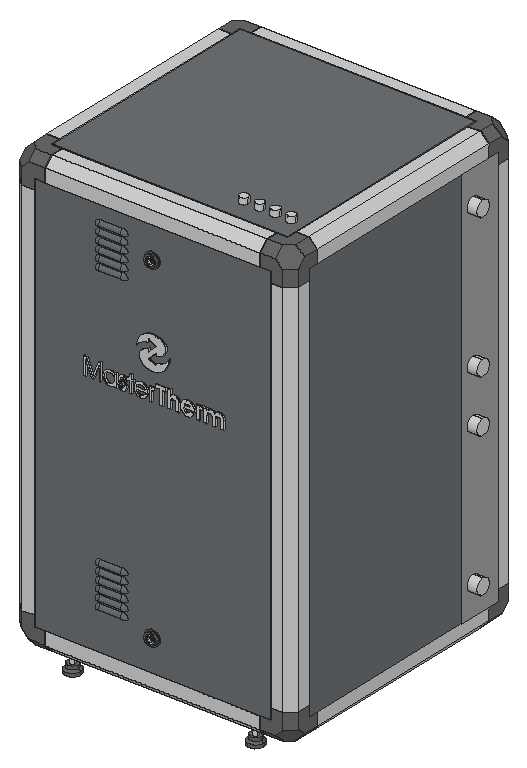
Revit family "AquaMaster-Inverter-P_RFA-2022", category Mechanické zařízení, Revit 2022
Family settings
  Kóta kulaté spojky = Použít průměr
  Typ dílu = Normální
  Číslo OmniClass = 23.75.00.00
  Nadpis OmniClass = Climate Control (HVAC)
  Založené na pracovní rovině = Ne
  Vždy vertikální = Ano
  Ořezat dutým tvarem při načtení = Ne
  Zachovat orientaci poznámky = Ne
  Sdílené = Ne
  Bod výpočtu místnosti = Ne
Parameters (values of type "AQ17IP")
  Výrobce = "Master Therm"  # constant formula
  Výchozí výška = 0.00 mm
  URL = "https://www.mastertherm.cz/aquamaster-inverter-p"
  Popis = "Tepelné čerpadlo země/voda (R290)"  # constant formula
  Model = if(MT_TYPE = 17, "AquaMaster 17 Inverter P", if(MT_TYPE = 22, "AquaMaster 22 Inverter P", if(MT_TYPE = 30, "AquaMaster 30 Inverter P", if(MT_TYPE = 37, "AquaMaster 37 Inverter P", "AquaMaster 45 Inverter P"))))  # "AquaMaster 17 Inverter P"
  MT_servisní prostor_ANO [instance] = no
  MT_pipe mat = MT_angle-corner
  MT_pipe connector mat = MT_RGB-130-130-130
  MT_napětí (V) = if(MT_TYPE > 30, 400 V, 230 V)  # 230 V
  MT_max. proud, vč. EK (A) = if(or(MT_TYPE = 22, MT_TYPE = 37), 20 A, if(or(MT_TYPE = 30, MT_TYPE = 45), 25 A, 16 A))  # 16 A
  MT_hmotnost (kg) = if(MT_TYPE = 17, 75, if(MT_TYPE = 22, 80, if(MT_TYPE = 30, 165, 180)))  # 75
  MT_ground height = 30.00 mm  # constant formula
  MT_frekvence (Hz) = 50 Hz  # constant formula
  MT_clearance top = MT_case height + 600.00 mm  # 1440.00 mm
  MT_clearance right = if(MT_case height = 840.00 mm, 600.00 mm, 400.00 mm)  # 600.00 mm
  MT_clearance left = if(MT_case height = 840.00 mm, 200.00 mm, 400.00 mm)  # 200.00 mm
  MT_clearance front = 600.00 mm  # constant formula
  MT_clearance back = 200.00 mm  # constant formula
  MT_apparent power = 0 VA  # constant formula
  MT_active power = 0 W  # constant formula
  MT_sekundár – vratka [instance] = 0.0 L/s
  MT_vent grille_YES = MT_TYPE < 30  # yes
  MT_primár – vratka [instance] = 0.0 L/s
  MT_sekundár – přívod [instance] = 0.0 L/s
  MT_pipe connector_X = if(MT_case height = 1200.00 mm, MT_case width - 2.00 mm * 40, MT_case height - 2.00 mm * 40)  # 760.00 mm
  MT_pipe connector offset = if(MT_case height = 1200.00 mm, MT_case width - 40.00 mm, MT_case height - 40.00 mm)  # 800.00 mm
  MT_pipe connector_Y = if(MT_case height = 1200.00 mm, 120.00 mm, 85.00 mm)  # 85.00 mm
  MT_pipe connector angle = if(MT_case height = 1200.00 mm, 0.00°, 90.00°)  # 90.00°
  MT_pivot offset = if(MT_case height = 1200.00 mm, 0.00 mm, MT_case width)  # 526.00 mm
  MT_cover top_Y = MT_cover side_X  # 446.00 mm
  MT_cover top_X = MT_cover front_X  # 446.00 mm
  MT_cover side_Y = MT_cover front_Y  # 760.00 mm
  MT_cover side_X = MT_case depth - 2.00 mm * 40  # 446.00 mm
  MT_cover front_Y = MT_case height - 2.00 mm * 40  # 760.00 mm
  MT_cover front_X = MT_case width - 2.00 mm * 40  # 446.00 mm
  MT_center lock_YES = MT_TYPE < 30  # yes
  MT_case width = 526.00 mm  # constant formula
  MT_case mat = MT_RAL7016
  MT_case height = if(MT_TYPE > 22, 1200.00 mm, 840.00 mm)  # 840.00 mm
  MT_case depth = if(MT_TYPE > 22, 716.00 mm, 526.00 mm)  # 526.00 mm
  MT_angle offset = 60.00 mm  # constant formula
  MT_angle length_Z = MT_case height - 2 * MT_angle offset  # 720.00 mm
  MT_angle length_Y = MT_case depth - 2 * MT_angle offset  # 406.00 mm
  MT_angle length_X = MT_case width - 2 * MT_angle offset  # 406.00 mm
  MT_primár – přívod [instance] = 0.0 L/s
  MT_TYPE = 17
  MT_EO offset_X = if(MT_case height = 840.00 mm, 60.00 mm, 273.00 mm)  # 60.00 mm
  MT_EO diameter = if(MT_TYPE > 37, 35.00 mm, 28.00 mm)  # 28.00 mm
  MT_EI offset_X = if(MT_case height = 840.00 mm, 330.00 mm, 373.00 mm)  # 330.00 mm
  MT_EI diameter = if(MT_TYPE > 37, 35.00 mm, 28.00 mm)  # 28.00 mm
  MT_EC6 offset_Y = if(MT_TYPE > 22, 30.00 mm, 500.00 mm)  # 500.00 mm
  MT_EC6 offset_X = if(MT_case height = 1200.00 mm, 421.00 mm, 115.00 mm)  # 115.00 mm
  MT_EC5-EC6_YES = MT_TYPE > 22  # no
  MT_EC5 offset_Y = if(MT_TYPE > 22, 60.00 mm, 500.00 mm)  # 500.00 mm
  MT_EC5 offset_X = if(MT_case height = 1200.00 mm, 421.00 mm, 115.00 mm)  # 115.00 mm
  MT_EC4 offset_Y = if(MT_TYPE > 22, 90.00 mm, 500.00 mm)  # 500.00 mm
  MT_EC4 offset_X = if(MT_case height = 1200.00 mm, 421.00 mm, 115.00 mm)  # 115.00 mm
  MT_EC3 offset_Y = if(MT_TYPE > 22, 30.00 mm, 500.00 mm)  # 500.00 mm
  MT_EC3 offset_X = if(MT_TYPE > 22, 25.00 mm, 85.00 mm)  # 85.00 mm
  MT_EC2 offset_Y = if(MT_TYPE > 22, 60.00 mm, 500.00 mm)  # 500.00 mm
  MT_EC2 offset_X = if(MT_TYPE > 22, 25.00 mm, 55.00 mm)  # 55.00 mm
  MT_EC1 offset_Y = if(MT_TYPE > 22, 90.00 mm, 500.00 mm)  # 500.00 mm
  MT_EC1 offset_X = 25.00 mm  # constant formula
  MT_CosPhi = 0  # constant formula
  MT_CO offset_X = if(MT_case height = 840.00 mm, 700.00 mm, 173.00 mm)  # 700.00 mm
  MT_CO diameter = 28.00 mm  # constant formula
  MT_CI offset_X = if(MT_case height = 840.00 mm, 430.00 mm, 73.00 mm)  # 430.00 mm
  MT_CI diameter = 28.00 mm  # constant formula
  Komentáře k typům = "KOMPRESOR: BLDC Inverter; 20 – 60 rps; olej – (RFL68EP) – 0.74 l; max. prov. proud – 12 A; VÝPARNÍK: deskový (nerez.); AISI316; průtok vody (W/W) – 0.22 kg/s; min. průtok – 0.17 kg/s; průtok směsi (B/W) – 0.18 kg/s; min. průtok – 0.11 kg/s; teplotní rozdíl – 3 K; vnitřní objem – 2.0 l; ext. tlak čerpadla – 6.0 m; max. příkon čerpadla – 70 W; KONDENZÁTOR: deskový (nerez.); AISI316; průtok otopné vody – 0.12 kg/s; min. průtok – 0.06 kg/s; teplotní rozdíl – 5 K; vnitřní objem – 2.0 l; ext. tlak čerpadla – 5.0 m; max. příkon čerpadla – 70 W; CHL. OKRUH: R290 (0.152 kg); EK (volitelně): není k dispozici; REGULACE: regulátor – pCO5; EEV – ano; čidlo otopné vody – ano; čidlo mix – ano (2x); čidlo TUV – ano; ext. čidlo – ano; ekviterm. reg. – ano; chladivo – 2xPT; ESI: 1x230 V; 50 Hz; max. proud – 16 A; ROZMĚRY: otopná voda, směs – 1\", 1\" (vnější); 84x53x53 cm; 75 kg; LIMITNÍ PROVOZNÍ PARAMETRY: max. přetlak vody – 0.25 MPa; max. přetlak chladiva – 3.1 MPa; směs min./max.: -5/+20 °C; voda min./max.: 20/75 °C"
  Elektropřipojení = if(MT_TYPE > 22, "2xPG16; 4xPG13.5", "4xPG16")  # "4xPG16"
  EO_kolektor – výstup = if(MT_TYPE > 37, "5/4'' (vnější)", "1'' (vnější)")  # "1'' (vnější)"
  EI_kolektor – vstup = if(MT_TYPE > 37, "5/4'' (vnější)", "1'' (vnější)")  # "1'' (vnější)"
  Cena = 0
  CO_otopná voda – výstup = "1'' (vnější)"  # constant formula
  COPYRIGHT = "© Master Therm tepelná čerpadla s. r. o."  # constant formula
  CI_otopná voda – vstup = "1'' (vnější)"  # constant formula
Reference planes
  plane 1 "Střed (vpředu/vzadu)": y = 0
  plane 2: z = 0
  plane 3 "Střed (vlevo/vpravo)": x = 0
  plane 4 "side_cover": x = 263
  plane 5: x = -263
  plane 6 "front_cover": y = -263
  plane 7: y = 263
  plane 8: z = 870
  plane 9: z = 90
  plane 10: z = 810
  plane 11: x = -203
  plane 12: x = 203
  plane 13: y = -203
  plane 14: y = 203
  plane 15: z = 450
  plane 16 "MT_pivot point": x = 263
  plane 17 "MT_case bottom": z = 30
Forms (mm)
  Extrusion 1, solid, material "MT_RAL7016" <- "MT_case mat"
    sketch origin (0, 0, 0) x (1, 0, 0) y (0, 1, 0)
      loop
        line (-223, 223) -> (-223, -223) -> (223, -223) -> (223, 223) -> (-223, 223)
    from 30 to 870
  Extrusion 2, solid, material "MT_RAL7016" <- "MT_case mat"
    sketch origin (0, -263, 0) x (-1, 0, 0) y (0, 0, 1)
      loop
        line (223, 830) -> (-223, 830) -> (-223, 70) -> (223, 70) -> (223, 830)
    from 0 to 526 <- "MT_case depth"
  Extrusion 3, solid, material "MT_RAL7016" <- "MT_case mat"
    sketch origin (-263, 660.254, 1200) x (0, 1, 0) y (0, 0, 1)
      loop
        line (-883.254, -370) -> (-883.254, -1130) -> (-437.254, -1130) -> (-437.254, -370) -> (-883.254, -370)
    from 0 to 526 <- "MT_case width"
Lines and regions (mm)
  reference lines
    curve 1: line (263, 318, 870) -> (1603, 318, 870)
    curve 2: line (263, 318, 870) -> (263, 318, -1190)
    curve 3: line (-463, 463, 0) -> (863, 463, 0)
    curve 4: line (-463, -863, 0) -> (-463, 463, 0)
    curve 5: line (863, -863, 0) -> (-463, -863, 0)
    curve 6: line (863, 463, 0) -> (863, -863, 0)
    curve 7: line (-463, 463, 0) -> (-463, 463, 1440)
    curve 8: line (-463, 463, 1440) -> (863, 463, 1440)
    curve 9: line (863, 463, 0) -> (863, 463, 1440)
    curve 10: line (863, 463, 0) -> (863, 463, 1440)
    curve 11: line (863, 463, 1440) -> (863, -863, 1440)
    curve 12: line (863, -863, 0) -> (863, -863, 1440)
    curve 13: line (-463, 463, 1440) -> (-463, -863, 1440)
    curve 14: line (-463, -863, 0) -> (-463, -863, 1440)
    curve 15: line (-463, -863, 1440) -> (863, -863, 1440)
  model lines, style "MT_service space", visible <- "MT_servisní prostor_ANO"
    curve 16: line (-463, -863, 1440) -> (863, -863, 1440)
    curve 17: line (-463, 463, 1440) -> (-463, -863, 1440)
    curve 18: line (-463, 463, 1440) -> (863, 463, 1440)
    curve 19: line (863, 463, 1440) -> (863, -863, 1440)
    curve 20: line (863, 463, 0) -> (863, -863, 0)
    curve 21: line (-463, 463, 0) -> (863, 463, 0)
    curve 22: line (863, -863, 0) -> (-463, -863, 0)
    curve 23: line (-463, -863, 0) -> (-463, 463, 0)
    curve 24: line (-463, -863, 0) -> (-463, -863, 1440)
    curve 25: line (-463, 463, 0) -> (-463, 463, 1440)
    curve 26: line (863, -863, 0) -> (863, -863, 1440)
    curve 27: line (863, 463, 0) -> (863, 463, 1440)
Dimensions and locks
  equal spacing: plane 5, plane 3 "Střed (vlevo/vpravo)", plane 4 "side_cover"
  "MT_case width": plane 5 to plane 4 "side_cover"
  equal spacing: plane 7, plane 1 "Střed (vpředu/vzadu)", plane 6 "front_cover"
  "MT_case depth": plane 7 to plane 6 "front_cover"
  "MT_case height": plane 8 to plane 17 "MT_case bottom"
  "MT_angle offset": plane 9 to plane 17 "MT_case bottom"
  "MT_angle offset": plane 8 to plane 10
  "MT_angle offset": plane 11 to plane 5
  "MT_angle offset": plane 4 "side_cover" to plane 12
  "MT_angle offset": plane 13 to plane 6 "front_cover"
  "MT_angle offset": plane 7 to plane 14
  equal spacing: Extrusion 1 sketch curve, plane 3 "Střed (vlevo/vpravo)", Extrusion 1 sketch curve
  "MT_cover top_X": Extrusion 1 sketch curve to Extrusion 1 sketch curve
  equal spacing: nested 17, plane 1 "Střed (vpředu/vzadu)", Extrusion 1 sketch curve
  "MT_cover top_Y": nested 17 to Extrusion 1 sketch curve
  equal spacing: Extrusion 2 sketch curve, plane 3 "Střed (vlevo/vpravo)", Extrusion 2 sketch curve
  "MT_cover front_X": Extrusion 2 sketch curve to Extrusion 2 sketch curve
  equal spacing: plane 8, plane 15, plane 17 "MT_case bottom"
  equal spacing: Extrusion 2 sketch curve, plane 15, Extrusion 2 sketch curve
  "MT_cover front_Y": Extrusion 2 sketch curve to Extrusion 2 sketch curve
  equal spacing: Extrusion 3 sketch curve, plane 15, Extrusion 3 sketch curve
  "MT_cover side_Y": Extrusion 3 sketch curve to Extrusion 3 sketch curve
  "MT_cover side_X": Extrusion 3 sketch curve to Extrusion 3 sketch curve
  equal spacing: Extrusion 3 sketch curve, plane 1 "Střed (vpředu/vzadu)", Extrusion 3 sketch curve
  locked: plane 8 to nested 23 at 100
  locked: nested 21 to plane 8 at 340
  locked: nested 22 to plane 8 at 150
  locked: plane 4 "side_cover" to nested 22 at 370
  "MT_pivot offset": plane 16 "MT_pivot point" to plane 5
  curve 1 to plane 8 = 0.00 mm
  "MT_pipe connector offset": nested 25 to curve 2
  "MT_clearance right": plane 4 "side_cover" to curve 6
  "MT_clearance left": curve 4 to plane 5
  "MT_clearance back": plane 7 to curve 3
  "MT_clearance front": plane 6 "front_cover" to curve 5
  "MT_clearance top": curve 15 to plane 2
  "MT_ground height": plane 17 "MT_case bottom" to plane 2
  locked: plane 6 "front_cover" to nested 26 at 28
  locked: plane 5 to nested 26 at 90
  locked: plane 5 to nested 28 at 90
  locked: nested 28 to plane 7 at 28
  locked: nested 27 to plane 4 "side_cover" at 90
  locked: nested 27 to plane 6 "front_cover" at 28
  locked: nested 29 to plane 7 at 28
  locked: nested 29 to plane 4 "side_cover" at 90
  locked: plane 4 "side_cover" to nested 24 at 370
  locked: nested 31 to plane 17 "MT_case bottom" at 100
  "MT_pipe connector angle": angle curve 2 to curve 1
  aligned and locked: level to plane 2
  aligned and locked: plane 7 to nested 2
  aligned and locked: plane 5 to nested 2
  aligned and locked: plane 6 "front_cover" to nested 3
  aligned and locked: nested 3 to plane 5
  aligned and locked: nested 4 to plane 4 "side_cover"
  aligned and locked: nested 4 to plane 6 "front_cover"
  aligned and locked: plane 4 "side_cover" to nested 5
  aligned and locked: nested 5 to plane 7
  aligned and locked: plane 6 "front_cover" to nested 1
  aligned and locked: nested 1 to plane 5
  aligned and locked: nested 6 to plane 6 "front_cover"
  aligned and locked: nested 6 to plane 4 "side_cover"
  aligned and locked: nested 7 to plane 7
  aligned and locked: plane 4 "side_cover" to nested 7
  aligned and locked: plane 5 to nested 8
  aligned and locked: plane 7 to nested 8
  aligned and locked: plane 8 to nested 6
  aligned and locked: plane 8 to nested 7
  aligned and locked: plane 8 to nested 1
  aligned and locked: plane 8 to nested 8
  aligned and locked: nested 3 to plane 9
  aligned and locked: nested 2 to plane 9
  aligned and locked: nested 4 to plane 9
  aligned and locked: nested 5 to plane 9
  aligned and locked: nested 13 to plane 11
  aligned and locked: nested 14 to plane 11
  aligned and locked: plane 8 to nested 14
  aligned and locked: nested 13 to plane 6 "front_cover"
  aligned and locked: plane 6 "front_cover" to nested 14
  aligned and locked: nested 15 to plane 13
  aligned and locked: nested 15 to plane 4 "side_cover"
  aligned and locked: plane 4 "side_cover" to nested 16
  aligned and locked: nested 16 to plane 13
  aligned and locked: plane 11 to nested 18
  aligned and locked: plane 7 to nested 18
  aligned and locked: plane 11 to nested 17
  aligned and locked: nested 17 to plane 7
  aligned and locked: nested 18 to plane 8
  aligned and locked: plane 13 to nested 20
  aligned and locked: plane 13 to nested 19
  aligned and locked: nested 19 to plane 5
  aligned and locked: plane 5 to nested 20
  aligned and locked: nested 19 to plane 8
  aligned and locked: nested 9 to plane 6 "front_cover"
  aligned and locked: plane 6 "front_cover" to nested 10
  aligned and locked: nested 12 to plane 7
  aligned and locked: nested 11 to plane 7
  aligned and locked: plane 5 to nested 11
  aligned and locked: plane 5 to nested 9
  aligned and locked: nested 12 to plane 4 "side_cover"
  aligned and locked: nested 10 to plane 4 "side_cover"
  aligned and locked: plane 8 to nested 15
  aligned and locked: plane 3 "Střed (vlevo/vpravo)" to nested 21
  aligned and locked: plane 16 "MT_pivot point" to curve 1
  aligned and locked: curve 2 to nested 25
  aligned and locked: curve 8 to curve 15
  aligned and locked: curve 13 to curve 15
  aligned and locked: curve 11 to curve 15
  aligned and locked: curve 16 to curve 15
  aligned and locked: curve 17 to curve 13
  aligned and locked: curve 18 to curve 8
  aligned and locked: curve 19 to curve 11
  aligned and locked: curve 20 to curve 6
  aligned and locked: curve 21 to curve 3
  aligned and locked: curve 22 to curve 5
  aligned and locked: curve 23 to curve 4
  aligned and locked: curve 24 to curve 14
  aligned and locked: curve 25 to curve 7
  aligned and locked: curve 26 to curve 12
  aligned and locked: curve 27 to curve 10
  aligned and locked: plane 17 "MT_case bottom" to nested 13
  aligned and locked: nested 17 to plane 17 "MT_case bottom"
  aligned and locked: plane 17 "MT_case bottom" to nested 9
  aligned and locked: plane 17 "MT_case bottom" to nested 11
  aligned and locked: Extrusion 1 to plane 17 "MT_case bottom"
  aligned and locked: nested 20 to plane 17 "MT_case bottom"
  aligned and locked: plane 17 "MT_case bottom" to nested 10
  aligned and locked: plane 17 "MT_case bottom" to nested 16
  aligned and locked: plane 17 "MT_case bottom" to nested 12
  aligned and locked: plane 8 to Extrusion 1
  aligned and locked: Extrusion 1 to nested 25
Automatic sketch dimensions
  curve 13 to curve 4 = 0.00 mm  (x2)
  curve 14 to curve 4 = 0.00 mm
  curve 10 to curve 6 = 0.00 mm  (x2)
  curve 6 to curve 12 = 0.00 mm
  curve 12 to curve 6 = 0.00 mm
  curve 7 to curve 3 = 0.00 mm  (x2)
  curve 9 to curve 3 = 0.00 mm  (x2)
  curve 24 to curve 14 = 0.00 mm  (x2)
  curve 14 to curve 25 = 0.00 mm  (x2)
  curve 26 to curve 12 = 0.00 mm  (x2)
  curve 27 to curve 12 = 0.00 mm  (x2)
  plane 14 to Extrusion 1 sketch curve = 20.00 mm
  curve 5 to curve 15 = 0.00 mm  (x2)
Nested families
  nested 1: "MT_corner-cap" at (-203, -263, 810) x (0, 1, 0) z (0, 0, 1), type "MT_corner-cap"
  nested 2: "MT_angle-cover" at (-263, 223, 90), MT_angle_lenght <- "MT_angle length_Z", type "MT_angle-cover"
    with MT_angle_lenght 720.00 mm
  nested 3: "MT_angle-cover" at (-223, -263, 90) x (0, 1, 0) z (0, 0, 1), MT_angle_lenght <- "MT_angle length_Z", type "MT_angle-cover"
    with MT_angle_lenght 720.00 mm
  nested 4: "MT_angle-cover" at (263, -223, 90) x (-1, 0, 0) z (0, 0, 1), MT_angle_lenght <- "MT_angle length_Z", type "MT_angle-cover"
    with MT_angle_lenght 720.00 mm
  nested 5: "MT_angle-cover" at (223, 263, 90) x (0, -1, 0) z (0, 0, 1), MT_angle_lenght <- "MT_angle length_Z", type "MT_angle-cover"
    with MT_angle_lenght 720.00 mm
  nested 6: "MT_corner-cap" at (263, -203, 810) x (-1, 0, 0) z (0, 0, 1), type "MT_corner-cap"
  nested 7: "MT_corner-cap" at (203, 263, 810) x (0, -1, 0) z (0, 0, 1), type "MT_corner-cap"
  nested 8: "MT_corner-cap" at (-263, 203, 810), type "MT_corner-cap"
  nested 9: "MT_corner-cap" at (-203, -263, 90) x (0, 1, 0) z (0, 0, -1), type "MT_corner-cap"
  nested 10: "MT_corner-cap" at (263, -203, 90) x (-1, 0, 0) z (0, 0, -1), type "MT_corner-cap"
  nested 11: "MT_corner-cap" at (-263, 203, 90) x (1, 0, 0) z (0, 0, -1), type "MT_corner-cap"
  nested 12: "MT_corner-cap" at (203, 263, 90) x (0, -1, 0) z (0, 0, -1), type "MT_corner-cap"
  nested 13: "MT_angle-cover" at (-203, -223, 30) x (0, 0, 1) z (1, 0, 0), MT_angle_lenght <- "MT_angle length_X", type "MT_angle-cover"
    with MT_angle_lenght 406.00 mm
  nested 14: "MT_angle-cover" at (-203, -263, 830) x (0, 1, 0) z (1, 0, 0), MT_angle_lenght <- "MT_angle length_X", type "MT_angle-cover"
    with MT_angle_lenght 406.00 mm
  nested 15: "MT_angle-cover" at (263, -203, 830) x (-1, 0, 0) z (0, 1, 0), MT_angle_lenght <- "MT_angle length_Y", type "MT_angle-cover"
    with MT_angle_lenght 406.00 mm
  nested 16: "MT_angle-cover" at (223, -203, 30) x (0, 0, 1) z (0, 1, 0), MT_angle_lenght <- "MT_angle length_Y", type "MT_angle-cover"
    with MT_angle_lenght 406.00 mm
  nested 17: "MT_angle-cover" at (-203, 223, 30) x (0, 0, 1) z (1, 0, 0), MT_angle_lenght <- "MT_angle length_X", type "MT_angle-cover"
    with MT_angle_lenght 406.00 mm
  nested 18: "MT_angle-cover" at (-203, 263, 830) x (0, -1, 0) z (1, 0, 0), MT_angle_lenght <- "MT_angle length_X", type "MT_angle-cover"
    with MT_angle_lenght 406.00 mm
  nested 19: "MT_angle-cover" at (-263, -203, 830) x (1, 0, 0) z (0, 1, 0), MT_angle_lenght <- "MT_angle length_Y", type "MT_angle-cover"
    with MT_angle_lenght 406.00 mm
  nested 20: "MT_angle-cover" at (-223, -203, 30) x (0, 0, 1) z (0, 1, 0), MT_angle_lenght <- "MT_angle length_Y", type "MT_angle-cover"
    with MT_angle_lenght 406.00 mm
  nested 21: "MT_logo" at (-127.744, -263, 530) x (1, 0, 0) z (0, -1, 0), type "MT_logo"
  nested 22: "MT_vent-grille" at (-107, -263, 720) x (1, 0, 0) z (0, -1, 0), visible <- "MT_vent grille_YES", type "MT_vent-grille"
  nested 23: "MT_case-lock" at (0, -263, 770) x (1, 0, 0) z (0, -1, 0), visible <- "MT_center lock_YES", type "MT_case-lock"
  nested 24: "MT_vent-grille" at (-107, -263, 145) x (1, 0, 0) z (0, -1, 0), visible <- "MT_vent grille_YES", type "MT_vent-grille"
  nested 25: "MT_pipe connector" at (263, 223, 830) x (0, 0, -1) z (1, 0, 0), type "MT_pipe connector"
    with MT_pipe connector_X2 760.00 mm, MT_pipe connector_Y2 85.00 mm, MT_EO offset_X2 60.00 mm, MT_EI offset_X2 330.00 mm, MT_CO offset_X2 700.00 mm, MT_CI offset_X2 430.00 mm
  nested 26: "MT_adj feet" at (-173, -235, 0), type "MT_adj feet"
  nested 27: "MT_adj feet" at (173, -235, 0), type "MT_adj feet"
  nested 28: "MT_adj feet" at (-173, 235, 0), type "MT_adj feet"
  nested 29: "MT_adj feet" at (173, 235, 0), type "MT_adj feet"
  nested 30: "MT_el-connector" at (-537, 318, 870), type "MT_el-connector"
    with MT_EC5-EC6_YES2 no, MT_EC6_Y2 500.00 mm, MT_EC6_X2 115.00 mm, MT_EC5_Y2 500.00 mm, MT_EC5_X2 115.00 mm, MT_EC4_Y2 500.00 mm, MT_EC4_X2 115.00 mm, MT_EC3_Y2 500.00 mm, MT_EC3_X2 85.00 mm, MT_EC2_Y2 500.00 mm, MT_EC2_X2 55.00 mm, MT_EC1_Y2 500.00 mm, MT_EC1_X2 25.00 mm
  nested 31: "MT_case-lock" at (0, -263, 130) x (1, 0, 0) z (0, -1, 0), visible <- "MT_center lock_YES", type "MT_case-lock"
Connectors
  piping at (284, 163, 500), diameter 28, driven by "MT_CI diameter", driven by "MT_sekundár – vratka", driven by "CI_otopná voda – vstup"
    settings: on nested 25, index 1, connector inside diameter 609.60 mm, connector length 0.00 mm, flow factor 1, pipe flow 0.0 L/s, pressure drop 0.0 Pa, fitting loss kfactor 0, connector angle 0.00°, fixture units 0, engagement length 0.00 mm, angle of deflection 0.00°, flow configuration 2, flow direction 1, fitting loss method 0, system type 29, joint type 0, gender type 0, connector reference index -1, connector utility 0, adjustable connector no, is connector primary yes, connector description "1'' (vnější)"
  piping at (284, 163, 770), diameter 28, driven by "MT_CO diameter", driven by "MT_sekundár – přívod", driven by "CO_otopná voda – výstup"
    settings: on nested 25, index 2, connector inside diameter 609.60 mm, connector length 0.00 mm, flow factor 1, pipe flow 0.0 L/s, pressure drop 0.0 Pa, fitting loss kfactor 0, connector angle 0.00°, fixture units 0, engagement length 0.00 mm, angle of deflection 0.00°, flow configuration 2, flow direction 2, fitting loss method 0, system type 29, joint type 0, gender type 0, connector reference index -1, connector utility 0, adjustable connector no, is connector primary no, connector description "1'' (vnější)"
  piping at (284, 163, 130), diameter 28, driven by "MT_EO diameter", driven by "MT_primár – přívod", driven by "EO_kolektor – výstup"
    settings: on nested 25, index 5, connector inside diameter 609.60 mm, connector length 0.00 mm, flow factor 0, pipe flow 0.0 L/s, pressure drop 0.0 Pa, fitting loss kfactor 0, connector angle 0.00°, fixture units 0, engagement length 0.00 mm, angle of deflection 0.00°, flow configuration 1, flow direction 2, fitting loss method 0, system type 29, joint type 0, gender type 0, connector reference index -1, connector utility 0, adjustable connector no, is connector primary no, connector description "1'' (vnější)"
  piping at (284, 163, 400), diameter 28, driven by "MT_EI diameter", driven by "MT_primár – vratka", driven by "EI_kolektor – vstup"
    settings: on nested 25, index 6, connector inside diameter 609.60 mm, connector length 0.00 mm, flow factor 0, pipe flow 0.0 L/s, pressure drop 0.0 Pa, fitting loss kfactor 0, connector angle 0.00°, fixture units 0, engagement length 0.00 mm, angle of deflection 0.00°, flow configuration 1, flow direction 1, fitting loss method 0, system type 29, joint type 0, gender type 0, connector reference index -1, connector utility 0, adjustable connector no, is connector primary no, connector description "1'' (vnější)"
  electrical at (198, -182, 881), driven by "MT_napětí (V)", driven by "MT_apparent power", driven by "MT_CosPhi", driven by "Elektropřipojení"
    settings: on nested 30, index 9, voltage 230 V, apparent load 0 VA, apparent load phase1 0 VA, apparent load phase2 0 VA, apparent load phase3 0 VA, power factor 0, load classification "Další", number of poles 1, system type 30, power factor state 1, is connector primary yes, connector utility no, sub classification motor no, connector description "4xPG16"
Definition of nested family "MT_corner-cap"
  Parameters (values of type "MT_corner-cap")
    Default Elevation = 0.00 mm
    MT_corner-cap = none
  Reference planes
    plane 1 "Střed (vpředu/vzadu)": y = 0
    plane 2: z = 0
    plane 3 "Střed (vlevo/vpravo)": x = 0
    plane 4: y = 44
    plane 5: x = 16
    plane 6 "cp1": through (-50.749, 80.749, 1200) normal (0.7071, 0.7071, 0)
    plane 7: through (30, 44, 1200) normal (0.7071, -0.7071, 0)
  Forms (mm)
    Extrusion 1, solid, material <- "MT_corner-cap"
      sketch origin (0, 0, 0) x (1, 0, 0) y (0, 1, 0)
        loop
          line (60, 60) -> (0, 60) -> (0, 0) -> (60, 0) -> (60, 60)
      from 0 to 60
    Extrusion 2, void
      sketch origin (0, 0, 0) x (1, 0, 0) y (0, 1, 0)
        loop
          line (40, 20) -> (40, 0) -> (60, 0) -> (60, 20) -> (40, 20)
      from 0 to 60
    Extrusion 3, void
      sketch origin (0, 0, 0) x (1, 0, 0) y (0, 0, 1)
        loop
          line (16, 60) -> (0, 60) -> (0, 44) -> (16, 60)
      from 0 to -60
    Extrusion 4, void
      sketch origin (0, 0, 0) x (0, 1, 0) y (0, 0, 1)
        loop
          line (44, 60) -> (60, 44) -> (60, 60) -> (44, 60)
      from 0 to 60
    Extrusion 5, void
      sketch origin (0, 0, 0) x (1, 0, 0) y (0, 1, 0)
        loop
          line (16, 60) -> (0, 60) -> (0, 44) -> (16, 60)
      from 0 to 60
    Extrusion 6, void
      sketch origin (0, 0, 0) x (0, 1, 0) y (0, 0, 1)
        loop
          line (0, 0) -> (20, 0) -> (20, 20) -> (0, 20) -> (0, 0)
      from 0 to 60
    Extrusion 7, void
      sketch origin (0, 0, 0) x (1, 0, 0) y (0, 0, 1)
        loop
          line (60, 0) -> (60, 20) -> (40, 20) -> (40, 0) -> (60, 0)
      from 0 to -60
    Extrusion 8, void
      sketch origin (15, 15, 0) x (-0.707107, 0.707107, 0) y (0, 0, 1)
        loop
          line (9.899, 60) -> (31.113, 29.704) -> (31.113, 60) -> (9.899, 60)
      from -50 to 60
  Cuts and joins
    Extrusion 2, Extrusion 3, Extrusion 4, Extrusion 5, Extrusion 6, Extrusion 7, Extrusion 8 cuts Extrusion 1
  Dimensions and locks
    aligned and locked: level to plane 2
Definition of nested family "MT_angle-cover"
  Parameters (values of type "MT_angle-cover")
    Default Elevation = 0.00 mm
    MT_angle_lenght [instance] = 500.00 mm
    MT_angle-corner = none
  Reference planes
    plane 1 "Střed (vpředu/vzadu)": y = 0
    plane 2: z = 0
    plane 3 "Střed (vlevo/vpravo)": x = 0
    plane 4: through (2.328, 26.328, 1200) normal (-0.7071, 0.7071, 0)
    plane 5: z = 500
  Forms (mm)
    Extrusion 1, solid, material <- "MT_angle-corner"
      sketch origin (0, 0, 0) x (1, 0, 0) y (0, 1, 0)
        loop
          line (40, 0) -> (40, 40) -> (0, 40) -> (0, 0) -> (40, 0)
      from 0 to 500
    Extrusion 2, void
      sketch origin (0, 0, 0) x (1, 0, 0) y (0, 1, 0)
        loop
          line (16, 40) -> (0, 40) -> (0, 24) -> (16, 40)
      from 0 to 500
  Cuts and joins
    Extrusion 2 cuts Extrusion 1
  Dimensions and locks
    "MT_angle_lenght": plane 5 to plane 2
    aligned and locked: level to plane 2
    aligned and locked: plane 5 to cut or joined group of Extrusion 1, Extrusion 2
    aligned and locked: Extrusion 1 to Extrusion 2
  Automatic sketch dimensions
    plane 1 "Střed (vpředu/vzadu)" to Extrusion 1 sketch curve = 0.00 mm
    Extrusion 1 sketch curve to plane 3 "Střed (vlevo/vpravo)" = 0.00 mm
    plane 3 "Střed (vlevo/vpravo)" to Extrusion 1 sketch curve = 40.00 mm
    Extrusion 1 sketch curve to plane 1 "Střed (vpředu/vzadu)" = 40.00 mm
    Extrusion 2 sketch curve to plane 3 "Střed (vlevo/vpravo)" = 0.00 mm
    Extrusion 2 sketch curve to plane 4 = 0.00 mm  (x2)
    plane 3 "Střed (vlevo/vpravo)" to Extrusion 2 sketch curve = 16.00 mm
Definition of nested family "MT_logo"
  Parameters (values of type "MT_logo")
    Default Elevation = 1219.20 mm
    MT_logo_thickness = 2.00 mm  # constant formula
    MT_logo-mat = none
  Reference planes
    plane 1 "Střed (vpředu/vzadu)": y = 0
    plane 2: z = 0
    plane 3 "Střed (vlevo/vpravo)": x = 0
    plane 4: z = 500
  Forms (mm)
    Extrusion 1, solid, material <- "MT_logo-mat"
      sketch origin (0, 0, 0) x (1, 0, 0) y (0, 1, 0)
        loop
          line (121.917, 83.115) -> (121.917, 89.033)
          spline (121.917, 89.033) -> (110.145, 82.837) -> (105.846, 77.019) -> (105.128, 68.563) -> (108.491, 61.778) -> (115.441, 56.783) -> (123.535, 53.995) -> (131.475, 53.389) -> (140.079, 54.8) -> (147.361, 58.494) -> (153.914, 64.28) -> (158.046, 70.722) -> (161.285, 84.245)
          spline (161.285, 84.245) -> (159.714, 81.035) -> (158.469, 78.973) -> (157.232, 77.31) -> (155.703, 75.688) -> (154.145, 74.345) -> (152.518, 73.263) -> (150.782, 72.272) -> (149.103, 71.471) -> (147.157, 70.679) -> (145.071, 69.992) -> (142.28, 69.29) -> (137.169, 68.49)
          line (137.169, 68.49) -> (137.169, 62.54) -> (122.426, 71.891) -> (137.508, 86.378) -> (137.508, 81.245)
          spline (137.508, 81.245) -> (148.499, 86.345) -> (153.768, 92.083) -> (155.179, 100.068) -> (150.966, 107.004) -> (143.87, 111.829) -> (136.075, 114.436) -> (127.817, 115.037) -> (119.6, 113.109) -> (112.274, 109.305) -> (106.232, 103.604) -> (102.088, 96.604) -> (99.294, 87.5)
          spline (99.294, 87.5) -> (101.565, 90.388) -> (102.94, 91.895) -> (104.349, 93.203) -> (105.825, 94.353) -> (107.436, 95.41) -> (109.18, 96.419) -> (110.713, 97.202) -> (112.43, 97.92) -> (114.46, 98.648) -> (116.41, 99.244) -> (118.729, 99.788) -> (122.07, 100.334)
          line (122.07, 100.334) -> (122.07, 105.76) -> (137.041, 97.426) -> (121.917, 83.115)
        loop
          line (0, 1.019) -> (3.59, 1.019) -> (3.59, 28.94) -> (14.436, 1.019) -> (17.898, 1.019) -> (28.975, 28.825) -> (28.975, 1.019) -> (32.206, 1.019) -> (32.206, 33.78) -> (27.245, 33.78) -> (16.398, 6.228) -> (5.274, 33.78) -> (0, 33.78) -> (0, 1.019)
        loop
          spline (48.751, 23.273) -> (46.388, 22.939) -> (44.186, 21.958) -> (42.296, 20.397) -> (40.845, 18.364) -> (39.933, 15.995) -> (39.622, 13.454) -> (39.933, 10.912) -> (40.845, 8.544) -> (42.296, 6.51) -> (44.186, 4.95) -> (46.388, 3.969) -> (48.751, 3.634)
          spline (48.751, 3.634) -> (51.114, 3.969) -> (53.316, 4.95) -> (55.207, 6.51) -> (56.657, 8.544) -> (57.57, 10.912) -> (57.881, 13.454) -> (57.57, 15.995) -> (56.657, 18.364) -> (55.207, 20.397) -> (53.316, 21.958) -> (51.114, 22.939) -> (48.751, 23.273)
        loop
          line (57.881, 4.324) -> (57.881, 1.019) -> (61.48, 1.019) -> (61.48, 25.889) -> (57.881, 25.889) -> (57.881, 22.583)
          arc (57.881, 22.583) -> (35.84, 13.454) -> (57.881, 4.324) r 12.911
        loop
          line (86.125, 22.492) -> (86.125, 1.019) -> (89.717, 1.019) -> (89.717, 22.492) -> (94.365, 22.492) -> (94.365, 25.974) -> (89.717, 25.974) -> (89.717, 33.78) -> (86.125, 33.78) -> (86.125, 25.974) -> (81.583, 25.974) -> (81.583, 22.492) -> (86.125, 22.492)
        loop
          spline (120.897, 12.309) -> (120.024, 18.831) -> (116.177, 24.119) -> (110.308, 26.865) -> (103.866, 26.393) -> (98.443, 22.817) -> (95.38, 17.023) -> (95.433, 10.441) -> (98.589, 4.698) -> (104.069, 1.214) -> (110.518, 0.85) -> (116.342, 3.694) -> (120.103, 9.046)
          line (120.103, 9.046) -> (115.947, 9.046)
          arc (115.947, 9.046) -> (106.228, 4.674) -> (98.794, 12.309) r 9.292
          line (98.794, 12.309) -> (120.897, 12.309)
        loop
          arc (117.067, 15.67) -> (107.965, 23.094) -> (98.863, 15.67) r 9.292
          line (98.863, 15.67) -> (117.067, 15.67)
        loop
          line (127.532, 23.758) -> (127.532, 25.763) -> (124.152, 25.763) -> (124.152, 1.019) -> (127.744, 1.019) -> (127.744, 17.742)
          arc (127.744, 17.742) -> (129.492, 21.42) -> (133.448, 22.386) r 4.742
          line (133.448, 22.386) -> (133.448, 26.185)
          arc (133.448, 26.185) -> (130.172, 25.746) -> (127.532, 23.758) r 6.521
        loop
          line (142.488, 27.585) -> (142.488, 1.019) -> (149.221, 1.019) -> (149.221, 27.585) -> (155.139, 27.585) -> (155.139, 33.78) -> (136.199, 33.78) -> (136.199, 27.585) -> (142.488, 27.585)
        loop
          line (163.722, 23.699) -> (163.722, 33.78) -> (157.581, 33.78) -> (157.581, 1.019) -> (163.722, 1.019) -> (163.722, 15.196) -> (164.016, 16.209) -> (164.307, 17.043)
          spline (164.307, 17.043) -> (165.574, 19.017) -> (166.288, 19.627) -> (167.046, 19.939) -> (167.922, 20.095) -> (168.858, 20.117) -> (169.737, 20.047) -> (170.514, 19.896) -> (171.213, 19.639) -> (171.861, 19.183) -> (172.492, 18.376) -> (173.129, 16.993) -> (173.784, 14.722)
          line (173.784, 14.722) -> (173.784, 1.019) -> (179.925, 1.019) -> (179.925, 17.901) -> (179.719, 18.903) -> (179.478, 19.785) -> (179.206, 20.559)
          spline (179.206, 20.559) -> (177.54, 23.133) -> (176.649, 24.126) -> (175.805, 24.812) -> (174.74, 25.392) -> (173.552, 25.805) -> (172.356, 26.102) -> (171.177, 26.31) -> (169.954, 26.379) -> (168.782, 26.283) -> (167.632, 25.964) -> (166.13, 25.259) -> (163.722, 23.699)
        loop
          line (201.474, 9.046) -> (208.133, 9.046)
          arc (208.133, 9.046) -> (182.997, 16.783) -> (208.746, 11.428) r 13.164
          line (208.746, 11.428) -> (189.256, 11.428)
          arc (189.256, 11.428) -> (194.561, 6.116) -> (201.474, 9.046) r 6.713
        loop
          arc (218.123, 16.511) -> (220.269, 19.589) -> (223.891, 20.572) r 5.496
          line (223.891, 20.572) -> (223.891, 26.204)
          arc (223.891, 26.204) -> (220.639, 25.706) -> (217.926, 23.846) r 7.389
          line (217.926, 23.846) -> (217.926, 25.877) -> (212.223, 25.877) -> (212.223, 1.019) -> (218.123, 1.019) -> (218.123, 16.511)
        loop
          line (247.851, 22.442) -> (246.299, 24.112) -> (244.867, 25.185) -> (242.957, 26.02) -> (240.37, 26.418) -> (238.261, 26.418) -> (236.152, 26.02) -> (234.401, 25.145) -> (232.689, 23.615) -> (232.689, 26.083) -> (226.986, 26.083) -> (226.986, 1.019) -> (232.748, 1.019) -> (232.748, 14.448) -> (233.34, 17.357)
          spline (233.34, 17.357) -> (234.506, 19.355) -> (235.184, 19.986) -> (235.918, 20.326) -> (236.775, 20.516) -> (237.696, 20.576) -> (238.565, 20.544) -> (239.338, 20.427) -> (240.037, 20.203) -> (240.695, 19.781) -> (241.35, 19.012) -> (242.035, 17.676) -> (242.775, 15.466)
          line (242.775, 15.466) -> (242.86, 14.628) -> (242.86, 1.019) -> (248.975, 1.019) -> (248.975, 14.569) -> (249.557, 17.438)
          spline (249.557, 17.438) -> (250.835, 19.335) -> (251.546, 19.906) -> (252.3, 20.191) -> (253.167, 20.318) -> (254.083, 20.313) -> (254.93, 20.222) -> (255.671, 20.053) -> (256.335, 19.782) -> (256.987, 19.317) -> (257.707, 18.521) -> (258.378, 17.179) -> (258.676, 14.994)
          line (258.676, 14.994) -> (258.676, 1.019) -> (264.674, 1.019) -> (264.674, 17.434)
          arc (264.674, 17.434) -> (258.13, 26.21) -> (247.851, 22.442) r 9.157
        loop
          arc (202.325, 16.381) -> (195.967, 21.024) -> (189.609, 16.381) r 6.674
          line (189.609, 16.381) -> (202.325, 16.381)
        loop
          line (68.145, 9.214) -> (64.677, 9.214)
          spline (64.677, 9.214) -> (66.736, 2.941) -> (70.193, 0.755) -> (74.263, 0.624) -> (78.153, 2.473) -> (80.209, 6.016) -> (80.272, 10.226) -> (77.925, 13.665) -> (74.022, 15.517) -> (70.206, 17.334) -> (69.88, 21.172) -> (73.486, 23.019) -> (76.3, 19.489)
          line (76.3, 19.489) -> (80.206, 19.489)
          spline (80.206, 19.489) -> (78.17, 24.592) -> (74.379, 26.486) -> (70.2, 26.139) -> (66.87, 23.387) -> (65.595, 19.397) -> (66.987, 15.501) -> (70.465, 13.143) -> (74.571, 10.894) -> (76.598, 7.617) -> (74.259, 4.16) -> (70.271, 4.49) -> (68.145, 9.214)
      from 0 to 2 <- "MT_logo_thickness"
  Dimensions and locks
    plane 4 to plane 2 = 500.00 mm
    aligned and locked: level to plane 2
Definition of nested family "MT_vent-grille"
  Parameters (values of type "MT_vent-grille")
    Default Elevation = 0.00 mm
    MT_vent grille mat = none
  Reference planes
    plane 1 "Střed (vpředu/vzadu)": y = 0
    plane 2: z = 0
    plane 3 "Střed (vlevo/vpravo)": x = 0
    plane 4: y = 0
    plane 5: y = 0
    plane 6: y = 15
    plane 7: y = 30
    plane 8: y = 45
    plane 9: y = 60
    plane 10: y = 75
  Forms (mm)
    Revolve 1, solid, material <- "MT_vent grille mat"
      sketch origin (29.178, 0, 1200) x (1, 0, 0) y (0, 0, 1)
        loop
          arc (30.822, -1200) -> (26.978, -1196.222) -> (21.784, -1194.782) r 10.758
          line (21.784, -1194.782) -> (21.784, -1200) -> (30.822, -1200)
        axis (21.784, -1194.782) -> (21.784, -1200)
      angle from 0 to 90
    Extrusion 2, solid, material <- "MT_vent grille mat"
      sketch origin (0, 0, 0) x (0, 1, 0) y (0, 0, 1)
        loop
          line (0, 5.218) -> (0, 0) -> (9.038, 0)
          arc (9.038, 0) -> (5.194, 3.778) -> (0, 5.218) r 10.758
      from 9.038 to 50.962
    Revolve 3, solid, material <- "MT_vent grille mat"
      sketch origin (28.882, 0, 1200) x (1, 0, 0) y (0, 0, 1)
        loop
          line (-28.882, -1200) -> (-19.844, -1200) -> (-19.844, -1194.782)
          arc (-19.844, -1194.782) -> (-25.038, -1196.222) -> (-28.882, -1200) r 10.758
        axis (-19.844, -1194.782) -> (-19.844, -1200)
      angle from 0 to 90
    Revolve 4, solid, not visible
      sketch origin (29.178, 0, 1200) x (1, 0, 0) y (0, 0, 1)
        loop
          arc (30.822, -1200) -> (26.978, -1196.222) -> (21.784, -1194.782) r 10.758
          line (21.784, -1194.782) -> (21.784, -1200) -> (30.822, -1200)
        axis (21.784, -1194.782) -> (21.784, -1200)
      angle from 0 to 90
    Extrusion 5, solid, not visible
      sketch origin (0, 0, 0) x (0, 1, 0) y (0, 0, 1)
        loop
          line (0, 5.218) -> (0, 0) -> (9.038, 0)
          arc (9.038, 0) -> (5.194, 3.778) -> (0, 5.218) r 10.758
      from 9.038 to 50.962
    Revolve 6, solid, not visible
      sketch origin (28.882, 0, 1200) x (1, 0, 0) y (0, 0, 1)
        loop
          line (-28.882, -1200) -> (-19.844, -1200) -> (-19.844, -1194.782)
          arc (-19.844, -1194.782) -> (-25.038, -1196.222) -> (-28.882, -1200) r 10.758
        axis (-19.844, -1194.782) -> (-19.844, -1200)
      angle from 0 to 90
    Revolve 7, solid, material <- "MT_vent grille mat"
      sketch origin (29.178, 15, 1200) x (1, 0, 0) y (0, 0, 1)
        loop
          arc (30.822, -1200) -> (26.978, -1196.222) -> (21.784, -1194.782) r 10.758
          line (21.784, -1194.782) -> (21.784, -1200) -> (30.822, -1200)
        axis (21.784, -1194.782) -> (21.784, -1200)
      angle from 0 to 90
    Extrusion 8, solid, material <- "MT_vent grille mat"
      sketch origin (0, 15, 0) x (0, 1, 0) y (0, 0, 1)
        loop
          line (0, 5.218) -> (0, 0) -> (9.038, 0)
          arc (9.038, 0) -> (5.194, 3.778) -> (0, 5.218) r 10.758
      from 9.038 to 50.962
    Revolve 9, solid, material <- "MT_vent grille mat"
      sketch origin (28.882, 15, 1200) x (1, 0, 0) y (0, 0, 1)
        loop
          line (-28.882, -1200) -> (-19.844, -1200) -> (-19.844, -1194.782)
          arc (-19.844, -1194.782) -> (-25.038, -1196.222) -> (-28.882, -1200) r 10.758
        axis (-19.844, -1194.782) -> (-19.844, -1200)
      angle from 0 to 90
    Revolve 10, solid, material <- "MT_vent grille mat"
      sketch origin (29.178, 30, 1200) x (1, 0, 0) y (0, 0, 1)
        loop
          arc (30.822, -1200) -> (26.978, -1196.222) -> (21.784, -1194.782) r 10.758
          line (21.784, -1194.782) -> (21.784, -1200) -> (30.822, -1200)
        axis (21.784, -1194.782) -> (21.784, -1200)
      angle from 0 to 90
    Extrusion 11, solid, material <- "MT_vent grille mat"
      sketch origin (0, 30, 0) x (0, 1, 0) y (0, 0, 1)
        loop
          line (0, 5.218) -> (0, 0) -> (9.038, 0)
          arc (9.038, 0) -> (5.194, 3.778) -> (0, 5.218) r 10.758
      from 9.038 to 50.962
    Revolve 12, solid, material <- "MT_vent grille mat"
      sketch origin (28.882, 30, 1200) x (1, 0, 0) y (0, 0, 1)
        loop
          line (-28.882, -1200) -> (-19.844, -1200) -> (-19.844, -1194.782)
          arc (-19.844, -1194.782) -> (-25.038, -1196.222) -> (-28.882, -1200) r 10.758
        axis (-19.844, -1194.782) -> (-19.844, -1200)
      angle from 0 to 90
    Revolve 13, solid, material <- "MT_vent grille mat"
      sketch origin (29.178, 45, 1200) x (1, 0, 0) y (0, 0, 1)
        loop
          arc (30.822, -1200) -> (26.978, -1196.222) -> (21.784, -1194.782) r 10.758
          line (21.784, -1194.782) -> (21.784, -1200) -> (30.822, -1200)
        axis (21.784, -1194.782) -> (21.784, -1200)
      angle from 0 to 90
    Extrusion 14, solid, material <- "MT_vent grille mat"
      sketch origin (0, 45, 0) x (0, 1, 0) y (0, 0, 1)
        loop
          line (0, 5.218) -> (0, 0) -> (9.038, 0)
          arc (9.038, 0) -> (5.194, 3.778) -> (0, 5.218) r 10.758
      from 9.038 to 50.962
    Revolve 15, solid, material <- "MT_vent grille mat"
      sketch origin (28.882, 45, 1200) x (1, 0, 0) y (0, 0, 1)
        loop
          line (-28.882, -1200) -> (-19.844, -1200) -> (-19.844, -1194.782)
          arc (-19.844, -1194.782) -> (-25.038, -1196.222) -> (-28.882, -1200) r 10.758
        axis (-19.844, -1194.782) -> (-19.844, -1200)
      angle from 0 to 90
    Revolve 16, solid, material <- "MT_vent grille mat"
      sketch origin (29.178, 60, 1200) x (1, 0, 0) y (0, 0, 1)
        loop
          arc (30.822, -1200) -> (26.978, -1196.222) -> (21.784, -1194.782) r 10.758
          line (21.784, -1194.782) -> (21.784, -1200) -> (30.822, -1200)
        axis (21.784, -1194.782) -> (21.784, -1200)
      angle from 0 to 90
    Extrusion 17, solid, material <- "MT_vent grille mat"
      sketch origin (0, 60, 0) x (0, 1, 0) y (0, 0, 1)
        loop
          line (0, 5.218) -> (0, 0) -> (9.038, 0)
          arc (9.038, 0) -> (5.194, 3.778) -> (0, 5.218) r 10.758
      from 9.038 to 50.962
    Revolve 18, solid, material <- "MT_vent grille mat"
      sketch origin (28.882, 60, 1200) x (1, 0, 0) y (0, 0, 1)
        loop
          line (-28.882, -1200) -> (-19.844, -1200) -> (-19.844, -1194.782)
          arc (-19.844, -1194.782) -> (-25.038, -1196.222) -> (-28.882, -1200) r 10.758
        axis (-19.844, -1194.782) -> (-19.844, -1200)
      angle from 0 to 90
    Revolve 19, solid, material <- "MT_vent grille mat"
      sketch origin (29.178, 75, 1200) x (1, 0, 0) y (0, 0, 1)
        loop
          arc (30.822, -1200) -> (26.978, -1196.222) -> (21.784, -1194.782) r 10.758
          line (21.784, -1194.782) -> (21.784, -1200) -> (30.822, -1200)
        axis (21.784, -1194.782) -> (21.784, -1200)
      angle from 0 to 90
    Extrusion 20, solid, material <- "MT_vent grille mat"
      sketch origin (0, 75, 0) x (0, 1, 0) y (0, 0, 1)
        loop
          line (0, 5.218) -> (0, 0) -> (9.038, 0)
          arc (9.038, 0) -> (5.194, 3.778) -> (0, 5.218) r 10.758
      from 9.038 to 50.962
    Revolve 21, solid, material <- "MT_vent grille mat"
      sketch origin (28.882, 75, 1200) x (1, 0, 0) y (0, 0, 1)
        loop
          line (-28.882, -1200) -> (-19.844, -1200) -> (-19.844, -1194.782)
          arc (-19.844, -1194.782) -> (-25.038, -1196.222) -> (-28.882, -1200) r 10.758
        axis (-19.844, -1194.782) -> (-19.844, -1200)
      angle from 0 to 90
  Cuts and joins
    joined: Revolve 1, Extrusion 2, Revolve 3
    joined: Revolve 7, Extrusion 8, Revolve 9
    joined: Revolve 10, Extrusion 11, Revolve 12
    joined: Revolve 13, Extrusion 14, Revolve 15
    joined: Revolve 16, Extrusion 17, Revolve 18
    joined: Revolve 19, Extrusion 20, Revolve 21
  Dimensions and locks
    equal spacing: group 2, group 3, group 4, group 5, group 6, group 7  (x3)
    aligned and locked: level to plane 2
    aligned and locked: Extrusion 2 to Revolve 1
    aligned and locked: Extrusion 2 to Revolve 3
    aligned and locked: Extrusion 8 to Revolve 7
    aligned and locked: Extrusion 8 to Revolve 9
    aligned and locked: Extrusion 11 to Revolve 10
    aligned and locked: Extrusion 11 to Revolve 12
    aligned and locked: Extrusion 14 to Revolve 13
    aligned and locked: Extrusion 14 to Revolve 15
    aligned and locked: Extrusion 17 to Revolve 16
    aligned and locked: Extrusion 17 to Revolve 18
    aligned and locked: Extrusion 20 to Revolve 19
    aligned and locked: Extrusion 20 to Revolve 21
Definition of nested family "MT_case-lock"
  Parameters (values of type "MT_case-lock")
    Default Elevation = 0.00 mm
    MT_corner-cap = none
    MT_angle-corner = none
  Reference planes
    plane 1 "Střed (vpředu/vzadu)": y = 0
    plane 2: z = 0
    plane 3 "Střed (vlevo/vpravo)": x = 0
    plane 4: y = 0
  Forms (mm)
    Revolve 1, solid, not visible
      sketch origin (29.178, 0, 1200) x (1, 0, 0) y (0, 0, 1)
        loop
          arc (30.822, -1200) -> (26.978, -1196.222) -> (21.784, -1194.782) r 10.758
          line (21.784, -1194.782) -> (21.784, -1200) -> (30.822, -1200)
        axis (21.784, -1194.782) -> (21.784, -1200)
      angle from 0 to 90
    Extrusion 2, solid, not visible
      sketch origin (0, 0, 0) x (0, 1, 0) y (0, 0, 1)
        loop
          line (0, 5.218) -> (0, 0) -> (9.038, 0)
          arc (9.038, 0) -> (5.194, 3.778) -> (0, 5.218) r 10.758
      from 9.038 to 50.962
    Revolve 3, solid, not visible
      sketch origin (28.882, 0, 1200) x (1, 0, 0) y (0, 0, 1)
        loop
          line (-28.882, -1200) -> (-19.844, -1200) -> (-19.844, -1194.782)
          arc (-19.844, -1194.782) -> (-25.038, -1196.222) -> (-28.882, -1200) r 10.758
        axis (-19.844, -1194.782) -> (-19.844, -1200)
      angle from 0 to 90
    Extrusion 4, solid, material <- "MT_corner-cap"
      sketch origin (0, 0, 0) x (1, 0, 0) y (0, 1, 0)
        loop
          circle (0, 0) r 14
      from 0 to 1
    Extrusion 5, solid, material <- "MT_corner-cap"
      sketch origin (0, 0, 1) x (1, 0, 0) y (0, 1, 0)
        loop
          circle (0, 0) r 11
        loop
          circle (0, 0) r 8
      from 0 to 5
    Extrusion 6, solid, material <- "MT_angle-corner"
      sketch origin (0, 0, 1) x (1, 0, 0) y (0, 1, 0)
        loop
          arc (-5.396, -1.506) -> (0, -5.602) -> (5.396, -1.506) r 5.602
          line (5.396, -1.506) -> (6.952, -1.506) -> (6.952, 1.506) -> (5.396, 1.506)
          arc (5.396, 1.506) -> (0, 5.602) -> (-5.396, 1.506) r 5.602
          line (-5.396, 1.506) -> (-6.952, 1.506) -> (-6.952, -1.506) -> (-5.396, -1.506)
        loop
          circle (0, 0) r 7.8
      from 0 to 5
    Extrusion 7, solid, material <- "MT_angle-corner"
      sketch origin (0, 0, 1) x (1, 0, 0) y (0, 1, 0)
        loop
          circle (0, 0) r 1.2
      from 0 to 2
  Dimensions and locks
    aligned and locked: level to plane 2
Definition of nested family "MT_pipe connector"
  Parameters (values of type "MT_pipe connector")
    Default Elevation = 0.00 mm
    MT_pipe connector_X2 = 446.00 mm
    MT_pipe connector_Y2 = 120.00 mm
    MT_pipe plate mat = none
    MT_pipe mat = none
    MT_EO offset_X2 = 273.00 mm
    MT_EO diameter = 28.00 mm
    MT_EI offset_X2 = 373.00 mm
    MT_EI diameter = 28.00 mm
    MT_CO offset_X2 = 173.00 mm
    MT_CO diameter = 28.00 mm
    MT_CI offset_X2 = 73.00 mm
    MT_CI diameter = 28.00 mm
  Reference planes
    plane 1 "Střed (vpředu/vzadu)": y = 0
    plane 2: z = 0
    plane 3 "Střed (vlevo/vpravo)": x = 0
    plane 4: y = 0
  Forms (mm)
    Revolve 1, solid, not visible
      sketch origin (29.178, 0, 1200) x (1, 0, 0) y (0, 0, 1)
        loop
          arc (30.822, -1200) -> (26.978, -1196.222) -> (21.784, -1194.782) r 10.758
          line (21.784, -1194.782) -> (21.784, -1200) -> (30.822, -1200)
        axis (21.784, -1194.782) -> (21.784, -1200)
      angle from 0 to 90
    Extrusion 2, solid, not visible
      sketch origin (0, 0, 0) x (0, 1, 0) y (0, 0, 1)
        loop
          line (0, 5.218) -> (0, 0) -> (9.038, 0)
          arc (9.038, 0) -> (5.194, 3.778) -> (0, 5.218) r 10.758
      from 9.038 to 50.962
    Revolve 3, solid, not visible
      sketch origin (28.882, 0, 1200) x (1, 0, 0) y (0, 0, 1)
        loop
          line (-28.882, -1200) -> (-19.844, -1200) -> (-19.844, -1194.782)
          arc (-19.844, -1194.782) -> (-25.038, -1196.222) -> (-28.882, -1200) r 10.758
        axis (-19.844, -1194.782) -> (-19.844, -1200)
      angle from 0 to 90
    Extrusion 4, solid, material <- "MT_pipe plate mat"
      sketch origin (0, 0, 0) x (1, 0, 0) y (0, 1, 0)
        loop
          line (0, -120) -> (446, -120) -> (446, 0) -> (0, 0) -> (0, -120)
      from 0 to 1
    Extrusion 5, solid, material <- "MT_pipe mat"
      sketch origin (0, 0, 1) x (1, 0, 0) y (0, 1, 0)
        loop
          circle (373, -60) r 14
      from 0 to 20
    Extrusion 6, solid, material <- "MT_pipe mat"
      sketch origin (0, 0, 1) x (1, 0, 0) y (0, 1, 0)
        loop
          circle (273, -60) r 14
      from 0 to 20
    Extrusion 7, solid, material <- "MT_pipe mat"
      sketch origin (0, 0, 1) x (1, 0, 0) y (0, 1, 0)
        loop
          circle (173, -60) r 14
      from 0 to 20
    Extrusion 8, solid, material <- "MT_pipe mat"
      sketch origin (0, 0, 1) x (1, 0, 0) y (0, 1, 0)
        loop
          circle (73, -60) r 14
      from 0 to 20
  Dimensions and locks
    "MT_pipe connector_X2": Extrusion 4 sketch curve to Extrusion 4 sketch curve
    "MT_pipe connector_Y2": Extrusion 4 sketch curve to Extrusion 4 sketch curve
    "MT_CI offset_X2": Extrusion 5 sketch curve to Extrusion 4
    locked: plane 1 "Střed (vpředu/vzadu)" to Extrusion 5 sketch curve at 60
    locked: plane 1 "Střed (vpředu/vzadu)" to Extrusion 6 sketch curve at 60
    "MT_CO offset_X2": Extrusion 6 sketch curve to Extrusion 4
    locked: plane 1 "Střed (vpředu/vzadu)" to Extrusion 7 sketch curve at 60
    "MT_EO offset_X2": Extrusion 7 sketch curve to Extrusion 4
    locked: plane 1 "Střed (vpředu/vzadu)" to Extrusion 8 sketch curve at 60
    "MT_EI offset_X2": Extrusion 8 sketch curve to Extrusion 4
    "MT_CI diameter": diameter of Extrusion 5 sketch curve
    "MT_CO diameter": diameter of Extrusion 6 sketch curve
    "MT_EO diameter": diameter of Extrusion 7 sketch curve
    "MT_EI diameter": diameter of Extrusion 8 sketch curve
    aligned and locked: level to plane 2
    aligned and locked: Extrusion 4 sketch curve to plane 1 "Střed (vpředu/vzadu)"
    aligned and locked: Extrusion 4 sketch curve to plane 3 "Střed (vlevo/vpravo)"
Definition of nested family "MT_adj feet"
  Parameters (values of type "MT_adj feet")
    Default Elevation = 0.00 mm
    MT_corner-cap = none
    MT_angle-corner = none
  Reference planes
    plane 1 "Střed (vpředu/vzadu)": y = 0
    plane 2: z = 0
    plane 3 "Střed (vlevo/vpravo)": x = 0
    plane 4: y = 0
  Forms (mm)
    Revolve 1, solid, not visible
      sketch origin (29.178, 0, 1200) x (1, 0, 0) y (0, 0, 1)
        loop
          arc (30.822, -1200) -> (26.978, -1196.222) -> (21.784, -1194.782) r 10.758
          line (21.784, -1194.782) -> (21.784, -1200) -> (30.822, -1200)
        axis (21.784, -1194.782) -> (21.784, -1200)
      angle from 0 to 90
    Extrusion 2, solid, not visible
      sketch origin (0, 0, 0) x (0, 1, 0) y (0, 0, 1)
        loop
          line (0, 5.218) -> (0, 0) -> (9.038, 0)
          arc (9.038, 0) -> (5.194, 3.778) -> (0, 5.218) r 10.758
      from 9.038 to 50.962
    Revolve 3, solid, not visible
      sketch origin (28.882, 0, 1200) x (1, 0, 0) y (0, 0, 1)
        loop
          line (-28.882, -1200) -> (-19.844, -1200) -> (-19.844, -1194.782)
          arc (-19.844, -1194.782) -> (-25.038, -1196.222) -> (-28.882, -1200) r 10.758
        axis (-19.844, -1194.782) -> (-19.844, -1200)
      angle from 0 to 90
    Extrusion 4, solid, material <- "MT_corner-cap"
      sketch origin (0, 0, 0) x (1, 0, 0) y (0, 1, 0)
        loop
          circle (0, 0) r 15
      from 0 to 5
    Blend 5, solid, material <- "MT_corner-cap"
      base sketch origin (0, 0, 5) x (1, 0, 0) y (0, 1, 0)
        loop
          circle (0, 0) r 15
      top sketch origin (0, 0, 5) x (1, 0, 0) y (0, 1, 0)
        loop
          circle (0, 0) r 10
      from 0 to 5
    Extrusion 6, solid, material <- "MT_corner-cap"
      sketch origin (0, 0, 10) x (1, 0, 0) y (0, 1, 0)
        loop
          circle (0, 0) r 11
      from 0 to 5
    Extrusion 7, solid, material <- "MT_angle-corner"
      sketch origin (0, 0, 15) x (1, 0, 0) y (0, 1, 0)
        loop
          circle (0, 0) r 4
      from 0 to 15
  Dimensions and locks
    aligned and locked: level to plane 2
Definition of nested family "MT_el-connector"
  Parameters (values of type "MT_el-connector")
    Default Elevation = 0.00 mm
    MT_pipe plate mat = none
    MT_pipe mat = none
    MT_EC5-EC6_YES2 = yes
    MT_EC6_Y2 = 403.00 mm
    MT_EC6_X2 = 421.00 mm
    MT_EC5_Y2 = 403.00 mm
    MT_EC5_X2 = 421.00 mm
    MT_EC4_Y2 = 403.00 mm
    MT_EC4_X2 = 421.00 mm
    MT_EC3_Y2 = 403.00 mm
    MT_EC3_X2 = 480.00 mm
    MT_EC2_Y2 = 403.00 mm
    MT_EC2_X2 = 410.00 mm
    MT_EC1_Y2 = 403.00 mm
    MT_EC1_X2 = 330.00 mm
  Reference planes
    plane 1 "Střed (vpředu/vzadu)": y = 0
    plane 2: z = 0
    plane 3 "Střed (vlevo/vpravo)": x = 0
    plane 4: y = 0
  Forms (mm)
    Revolve 1, solid, not visible
      sketch origin (29.178, 0, 1200) x (1, 0, 0) y (0, 0, 1)
        loop
          arc (30.822, -1200) -> (26.978, -1196.222) -> (21.784, -1194.782) r 10.758
          line (21.784, -1194.782) -> (21.784, -1200) -> (30.822, -1200)
        axis (21.784, -1194.782) -> (21.784, -1200)
      angle from 0 to 90
    Extrusion 2, solid, not visible
      sketch origin (0, 0, 0) x (0, 1, 0) y (0, 0, 1)
        loop
          line (0, 5.218) -> (0, 0) -> (9.038, 0)
          arc (9.038, 0) -> (5.194, 3.778) -> (0, 5.218) r 10.758
      from 9.038 to 50.962
    Revolve 3, solid, not visible
      sketch origin (28.882, 0, 1200) x (1, 0, 0) y (0, 0, 1)
        loop
          line (-28.882, -1200) -> (-19.844, -1200) -> (-19.844, -1194.782)
          arc (-19.844, -1194.782) -> (-25.038, -1196.222) -> (-28.882, -1200) r 10.758
        axis (-19.844, -1194.782) -> (-19.844, -1200)
      angle from 0 to 90
    Extrusion 4, solid, material <- "MT_pipe plate mat", not visible
      sketch origin (0, 0, 0) x (1, 0, 0) y (0, 1, 0)
        loop
          line (0, -85) -> (760, -85) -> (760, 0) -> (0, 0) -> (0, -85)
      from 0 to 1
    Extrusion 5, solid, material <- "MT_pipe mat"
      sketch origin (0, 0, 1) x (1, 0, 0) y (0, 1, 0)
        loop
          circle (430, -403) r 8
      from 0 to 10
    Extrusion 6, solid, material <- "MT_pipe mat"
      sketch origin (20, 30.126, 1) x (1, 0, 0) y (0, 1, 0)
        loop
          circle (330, -433.126) r 8
      from 0 to 10
    Extrusion 7, solid, material <- "MT_pipe mat"
      sketch origin (-20, 60.126, 1) x (1, 0, 0) y (0, 1, 0)
        loop
          circle (300, -463.126) r 8
      from 0 to 10
    Extrusion 8, solid, material <- "MT_pipe mat"
      sketch origin (-375, 0, 1) x (1, 0, 0) y (0, 1, 0)
        loop
          circle (714, -403) r 8
      from 0 to 10
    Extrusion 9, solid, material <- "MT_pipe mat", visible <- "MT_EC5-EC6_YES2"
      sketch origin (-395, 40, 1) x (1, 0, 0) y (0, 1, 0)
        loop
          circle (734, -443) r 8
      from 0 to 10
    Extrusion 10, solid, material <- "MT_pipe mat", visible <- "MT_EC5-EC6_YES2"
      sketch origin (-420, 70, 1) x (1, 0, 0) y (0, 1, 0)
        loop
          circle (759, -473) r 8
      from 0 to 10
  Dimensions and locks
    Extrusion 4 sketch curve to Extrusion 4 sketch curve = 760.00 mm
    Extrusion 4 sketch curve to Extrusion 4 sketch curve = 85.00 mm
    "MT_EC1_Y2": plane 1 "Střed (vpředu/vzadu)" to Extrusion 5 sketch curve
    "MT_EC1_X2": Extrusion 5 sketch curve to Extrusion 4
    "MT_EC2_Y2": plane 1 "Střed (vpředu/vzadu)" to Extrusion 6 sketch curve
    "MT_EC2_X2": Extrusion 6 sketch curve to Extrusion 4
    "MT_EC3_X2": Extrusion 7 sketch curve to Extrusion 4
    "MT_EC3_Y2": plane 1 "Střed (vpředu/vzadu)" to Extrusion 7 sketch curve
    "MT_EC4_X2": Extrusion 8 sketch curve to Extrusion 4
    "MT_EC4_Y2": plane 1 "Střed (vpředu/vzadu)" to Extrusion 8 sketch curve
    "MT_EC5_Y2": plane 1 "Střed (vpředu/vzadu)" to Extrusion 9 sketch curve
    "MT_EC5_X2": Extrusion 9 sketch curve to Extrusion 4
    "MT_EC6_Y2": plane 1 "Střed (vpředu/vzadu)" to Extrusion 10 sketch curve
    "MT_EC6_X2": Extrusion 10 sketch curve to Extrusion 4
    radius of Extrusion 5 sketch curve = 8.00 mm
    radius of Extrusion 6 sketch curve = 8.00 mm
    radius of Extrusion 7 sketch curve = 8.00 mm
    radius of Extrusion 8 sketch curve = 8.00 mm
    radius of Extrusion 9 sketch curve = 8.00 mm
    radius of Extrusion 10 sketch curve = 8.00 mm
    aligned and locked: level to plane 2
    aligned and locked: Extrusion 4 sketch curve to plane 1 "Střed (vpředu/vzadu)"
    aligned and locked: Extrusion 4 sketch curve to plane 3 "Střed (vlevo/vpravo)"
